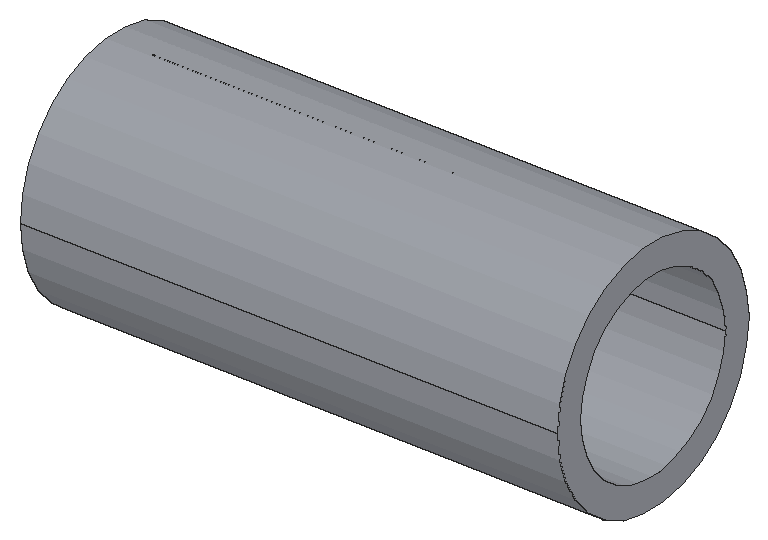
Revit family "BMP_PVC_Socket", category Pipe Fittings, Revit 2024
Family settings
  Round Connector Dimension = Use Diameter
  Part Type = Union
  Work Plane-Based = Yes
  Always vertical = No
  Cut with Voids When Loaded = No
  Shared = No
Parameters (values of type "21 mm")
  Default Elevation = 1219.2 mm
  BMP_Z_mm = 3 mm
  BMP_Z2_mm = 3 mm
  BMP_Start_mm = -BMP_L_mm / 2  # -31.5 mm
  BMP_Parametric_Revision = "2.0"
  BMP_PN_bar = 15
  BMP_Manufacturer = "Binh Minh Plastics - independent catalogue-based BIM"
  BMP_L_mm = 63 mm
  BMP_H_mm = 31.5 mm
  BMP_H2_mm = 31.5 mm
  BMP_Geometry_Note = "Native parametric simplified fitting; editable type dimensions in millimeters."
  BMP_End_mm = BMP_L_mm / 2  # 31.5 mm
  BMP_D_mm = 28 mm
  BMP_DN_mm = 21 mm
  BMP_DN2_mm = 21 mm
  BMP_D2_mm = 28 mm
  BMP_Catalogue_PDF_Page = "18"
  BMP_Bore_mm = 21.3 mm
  BMP_Bore2_mm = 21.3 mm
Types (9, lengths in mm): name | BMP_Z_mm | BMP_Z2_mm | BMP_Start_mm | BMP_PN_bar | BMP_L_mm | BMP_H_mm | BMP_H2_mm | BMP_End_mm | BMP_D_mm | BMP_DN_mm | BMP_DN2_mm | BMP_D2_mm | BMP_Bore_mm | BMP_Bore2_mm
  21 mm | 3 | 3 | -31.5 | 15 | 63 | 31.5 | 31.5 | 31.5 | 28 | 21 | 21 | 28 | 21.3 | 21.3
  27 mm | 3 | 3 | -36.5 | 15 | 73 | 36.5 | 36.5 | 36.5 | 33 | 27 | 27 | 33 | 26.7 | 26.7
  34 mm | 4 | 4 | -42 | 15 | 84 | 42 | 42 | 42 | 41 | 34 | 34 | 41 | 33.5 | 33.5
  42 mm | 4 | 4 | -46 | 15 | 92 | 46 | 46 | 46 | 50 | 42 | 42 | 50 | 42.2 | 42.2
  49 mm | 5 | 5 | -57.5 | 12 | 115 | 57.5 | 57.5 | 57.5 | 57 | 49 | 49 | 57 | 48.2 | 48.2
  60 mm | 5 | 5 | -39.5 | 6 | 79 | 39.5 | 39.5 | 39.5 | 67 | 60 | 60 | 67 | 60.2 | 60.2
  90 mm | 7 | 7 | -54.5 | 6 | 109 | 54.5 | 54.5 | 54.5 | 97 | 90 | 90 | 97 | 88.8 | 88.8
  114 mm | 7 | 7 | -67.5 | 6 | 135 | 67.5 | 67.5 | 67.5 | 123 | 114 | 114 | 123 | 114.1 | 114.1
  168 mm | 10 | 10 | -85 | 6 | 170 | 85 | 85 | 85 | 181 | 168 | 168 | 181 | 168.1 | 168.1
Reference planes
  plane 1 "Center (Front/Back)": y = 0
  plane 2: z = 0
  plane 3 "Center (Left/Right)": x = 0
Forms (mm)
  Extrusion 1, solid, material "BMP_PVC"
    sketch origin (0, 0, 0) x (0, 1, 0) y (0, 0, 1)
      loop
        circle (0, 0) r 14
      loop
        circle (0, 0) r 10.65
    from -31.5 <- "BMP_Start_mm" to 31.5 <- "BMP_End_mm"
Lines and regions (mm)
  reference lines, not visible
    curve 1: line (0, 3000, 0) -> (0, -3000, 0)
    curve 2: line (0, 0, 3000) -> (0, 0, -3000)
Dimensions and locks
  "BMP_D_mm": diameter of Extrusion 1 sketch curve  (x2)
  "BMP_Bore_mm": diameter of Extrusion 1 sketch curve  (x2)
  aligned and locked: level to plane 2
  aligned and locked: curve 1 to Extrusion 1 sketch curve  (x2)
  aligned and locked: curve 2 to Extrusion 1 sketch curve  (x2)
Automatic sketch dimensions
  curve 1 to level = 0 mm
  plane 1 "Center (Front/Back)" to curve 1 = 3000 mm
  curve 1 to plane 1 "Center (Front/Back)" = 3000 mm
  curve 2 to plane 1 "Center (Front/Back)" = 0 mm
  curve 2 to level = 3000 mm
  level to curve 2 = 3000 mm
Connectors
  piping at (-31.5, 0, 0), diameter 21, driven by "BMP_DN_mm"
    settings: on Extrusion 1, index 1, connector inside diameter 609.6 mm, connector length 0 mm, flow factor 0, pipe flow 0.0 L/s, pressure drop 0.0 Pa, fitting loss kfactor 0, connector angle 0.00°, fixture units 0, engagement length 0 mm, angle of deflection 0.00°, flow configuration 0, flow direction 0, fitting loss method 0, system type 28, joint type 0, gender type 0, connector reference index 2, connector utility 0, adjustable connector no, is connector primary yes, connector description ""
  piping at (31.5, 0, 0), diameter 21, driven by "BMP_DN_mm"
    settings: on Extrusion 1, index 2, connector inside diameter 609.6 mm, connector length 0 mm, flow factor 0, pipe flow 0.0 L/s, pressure drop 0.0 Pa, fitting loss kfactor 0, connector angle 0.00°, fixture units 0, engagement length 0 mm, angle of deflection 0.00°, flow configuration 0, flow direction 0, fitting loss method 0, system type 28, joint type 0, gender type 0, connector reference index 1, connector utility 0, adjustable connector no, is connector primary no, connector description ""
